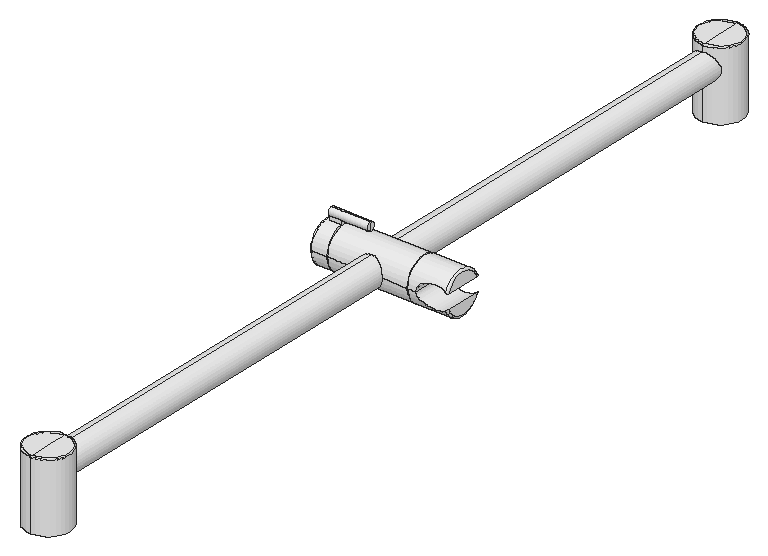
Revit family "XXXSlide_Bar-American_Standard-Standard-Universal-1660730", category Specialty Equipment, host Face, Revit 2019
Family settings
  Host = Face
  Round Connector Dimension = Use Diameter
  Part Type = Normal
  OmniClass Number = 23.40.20.21.47
  OmniClass Title = Bath Grab Bars
  Cut with Voids When Loaded = No
  Shared = Yes
  Room Calculation Point = No
Parameters (values of type "1660.730.002")
  Width = 4 7/8"  # constant formula
  URL = "https://www.americanstandard-us.com/"
  Type Comments = ""
  Revised Date = "09/28/2021"
  Product Page URL = "https://www.americanstandard-us.com/Hand-Showers-and-Accessories/Round-30-Inch-Shower-Slide-Bar/CHROME-1660730002"
  Product Documentation Link = "https://americanstandard.box.com/shared/static/re1nf26qv2puj3qcy72raqf9l8b72nta.pdf"
  Price = "Prices may vary. Please consult Manufacturer Representative for most up-to-date price list."  # constant formula
  Model = "1660.730.002"
  Material = "Brass-American Standard-002-Polished Chrome"
  Manufacturer = "American Standard"  # constant formula
  Length = 1 3/4"  # constant formula
  Installation Type = "Wall Mounted"  # constant formula
  Installation Instruction Link = "https://americanstandard.box.com/shared/static/4b02xwp7lrezebgkkif2atg7t3llhpwy.pdfhttps://americanstandard.box.com/shared/static/p96umvr28hg29juoj8c5eb1becmx8hh8.pdfhttps://americanstandard.box.com/shared/static/cq2n050fv7stjklnwkly19roq3rz5etd.pdf"
  Height = 30 1/8"  # constant formula
  Finish = Brass-American Standard-002-Polished Chrome
  Distance to Finished Floor Constraint = if([Distance from Floor to Bottom Escutcheon (36" to 60")] < 36", 36", if([Distance from Floor to Bottom Escutcheon (36" to 60")] > 60", 60", [Distance from Floor to Bottom Escutcheon (36" to 60")]))  # 36"
  Distance from Floor to Bottom Escutcheon (36" to 60") = 36"
  Description = "Round 30-Inch Shower Slide Bar"
  Default Elevation = 0"
  Creation Date = "01/22/2018"  # constant formula
  Assembly Code = "C1030200"
  ADA Compliant = yes
Types (5): name | Product Page URL | Model | Material | Finish | Distance from Floor to Bottom Escutcheon (36" to 60") | Default Elevation
  (no name) | "https://www.americanstandard-us.com/Hand-Showers-and-Accessories/Round-30-Inch-Shower-Slide-Bar/CHROME-1660730002" | "1660.730.002" | "Brass-American Standard-002-Polished Chrome" | Brass-American Standard-002-Polished Chrome | 36" | 0"
  1660.730.002 | "https://www.americanstandard-us.com/Hand-Showers-and-Accessories/Round-30-Inch-Shower-Slide-Bar/CHROME-1660730002" | "1660.730.002" | "Brass-American Standard-002-Polished Chrome" | Brass-American Standard-002-Polished Chrome | 36" | 0"
  1660.730.013 | "https://www.americanstandard-us.com/Hand-Showers-and-Accessories/Round-30-Inch-Shower-Slide-Bar/POLISHED-NICKEL-1660730013" | "1660.730.013" | "Brass-American Standard-013-Polished Nickel PVD" | Brass-American Standard-013-Polished Nickel PVD | 0" | 36"
  1660.730.278 | "https://www.americanstandard-us.com/Hand-Showers-and-Accessories/Round-30-Inch-Shower-Slide-Bar/LEGACY-BRONZE-1660730278" | "1660.730.278" | "Brass-American Standard-278-Legacy Broze" | Brass-American Standard-278-Legacy Broze | 0" | 36"
  1660.730.295 | "https://www.americanstandard-us.com/Hand-Showers-and-Accessories/Round-30-Inch-Shower-Slide-Bar/BRUSHED-NICKEL-1660730295" | "1660.730.295" | "Brass-American Standard-295-Brushed Nickel" | Brass-American Standard-295-Brushed Nickel | 0" | 36"
Reference planes (in)
  plane 1: y = 0
  plane 2: z = 0
  plane 3 "Center (Left/Right)": x = 0
  plane 4: y = 15.0625
  plane 5: y = -15.0625
  plane 6: z = 1.75
  plane 7: y = 14.28125
  plane 8: y = 15.84375
  plane 9: x = -2.0625
  plane 10: x = 2.1875
  plane 11: x = 2.8125
  plane 12 "Floor": y = -51.0625
Forms (in)
  Revolve 1, solid, material "Brass-American Standard-002-Polished Chrome" <- "Finish"
    sketch origin (0, 0, 0) x (0, 1, 0) y (0, 0, 1)
      loop
        line (15.0625, 0) -> (15.84375, 0) -> (15.84375, 2.46875)
        arc (15.84375, 2.46875) -> (15.8346, 2.49085) -> (15.8125, 2.5) r 0.03125
        line (15.8125, 2.5) -> (15.0625, 2.5) -> (15.0625, 0)
      axis (15.0625, 2.5) -> (15.0625, 0)
    angle from 0 to 360
  Revolve 2, solid, material "Brass-American Standard-002-Polished Chrome" <- "Finish"
    sketch origin (0, -30.125, 0) x (0, 1, 0) y (0, 0, 1)
      loop
        line (15.0625, 0) -> (15.84375, 0) -> (15.84375, 2.46875)
        arc (15.84375, 2.46875) -> (15.8346, 2.49085) -> (15.8125, 2.5) r 0.03125
        line (15.8125, 2.5) -> (15.0625, 2.5) -> (15.0625, 0)
      axis (15.0625, 2.5) -> (15.0625, 0)
    angle from 0 to 360
  Revolve 3, solid, material "Brass-American Standard-002-Polished Chrome" <- "Finish"
    sketch origin (0, 0, 0) x (0, 1, 0) y (0, 0, 1)
      loop
        line (15.0625, 1.75) -> (-15.0625, 1.75) -> (-15.0625, 1.25) -> (15.0625, 1.25) -> (15.0625, 1.75)
      axis (-15.0625, 1.75) -> (15.0625, 1.75)
    angle from 0 to 360
  Revolve 4, solid, material "Brass-American Standard-002-Polished Chrome" <- "Finish"
    sketch origin (0, 0, 1.75) x (1, 0, 0) y (0, 1, 0)
      loop
        line (-2.0625, 0) -> (2.8125, 0) -> (2.8125, 0.6875)
        arc (2.8125, 0.6875) -> (2.79419, 0.73169) -> (2.75, 0.75) r 0.0625
        line (2.75, 0.75) -> (1.44893, 0.75) -> (1.44893, 0.71388) -> (1.41768, 0.71388) -> (1.41768, 0.75) -> (-1.41768, 0.75) -> (-1.41768, 0.71388) -> (-1.44893, 0.71388) -> (-1.44893, 0.75) -> (-2, 0.75)
        arc (-2, 0.75) -> (-2.04419, 0.73169) -> (-2.0625, 0.6875) r 0.0625
        line (-2.0625, 0.6875) -> (-2.0625, 0)
      axis (-2.0625, 0) -> (2.8125, 0)
    angle from 0 to 360
  Extrusion 5, void
    sketch origin (0.34375, 0, 0) x (1, 0, 0) y (0, 0, 1)
      loop
        spline (2.60831, 1.75) -> (2.58758, 1.85404) -> (2.52681, 1.95098) -> (2.43014, 2.03423) -> (2.30415, 2.09812) -> (2.15744, 2.13827) -> (2, 2.15197) -> (1.84256, 2.13827) -> (1.69585, 2.09812) -> (1.56986, 2.03423) -> (1.47319, 1.95098) -> (1.41242, 1.85404) -> (1.39169, 1.75)
        spline (1.39169, 1.75) -> (1.41242, 1.64596) -> (1.47319, 1.54902) -> (1.56986, 1.46577) -> (1.69585, 1.40188) -> (1.84256, 1.36173) -> (2, 1.34803) -> (2.15744, 1.36173) -> (2.30415, 1.40188) -> (2.43014, 1.46577) -> (2.52681, 1.54902) -> (2.58758, 1.64596) -> (2.60831, 1.75)
    from -0.89529 to 1.0084
  Extrusion 6, solid, material "Brass-American Standard-002-Polished Chrome" <- "Finish"
    sketch origin (0, 0, 0) x (1, 0, 0) y (0, 0, 1)
      loop
        line (-1.88225, 2.23689) -> (-1.44893, 2.23689) -> (-1.44893, 2.68031) -> (-1.88225, 2.68031) -> (-1.88225, 2.23689)
    from -0.10512 to 0.1051
  Revolve 7, solid, material "Brass-American Standard-002-Polished Chrome" <- "Finish"
    sketch origin (0.01563, 0, 0.0625) x (1, 0, 0) y (0, 0, 1)
      loop
        line (-1.89787, 2.68031) -> (-0.49877, 2.68031) -> (-0.49877, 2.82445) -> (-1.89787, 2.82445) -> (-1.89787, 2.68031)
      axis (-0.49877, 2.68031) -> (-1.89787, 2.68031)
    angle from 0 to 360
Cuts and joins
  Extrusion 5 cuts Revolve 4
  joined: Revolve 1, Revolve 2, Revolve 3, Revolve 4, Extrusion 6, Revolve 7
Lines and regions (in)
  Masking region 1
    outline origin (0, 0, 0) x (1, 0, 0) y (0, 0, 1)
      loop
        line (-2.0625, 2.43917) -> (-2.0625, 1.0625)
        arc (-2.0625, 1.0625) -> (-2.04419, 1.01831) -> (-2, 1) r 0.0625
        line (-2, 1) -> (-0.78125, 1) -> (-0.78125, 0) -> (0.78125, 0) -> (0.78125, 1) -> (2.7485, 1)
        arc (2.7485, 1) -> (2.79376, 1.01874) -> (2.8125, 1.064) r 0.064
        line (2.8125, 1.064) -> (2.8125, 1.49381)
        spline (2.8125, 1.49381) -> (2.61996, 1.39186) -> (2.38199, 1.34883) -> (2.13772, 1.37179) -> (1.92735, 1.45697) -> (1.78547, 1.59035) -> (1.73544, 1.75) -> (1.78547, 1.90965) -> (1.92735, 2.04303) -> (2.13772, 2.12821) -> (2.38199, 2.15117) -> (2.61996, 2.10814) -> (2.8125, 2.00619)
        line (2.8125, 2.00619) -> (2.8125, 2.43742)
        arc (2.8125, 2.43742) -> (2.79419, 2.48161) -> (2.75, 2.49992) r 0.0625
        line (2.75, 2.49992) -> (-1.44893, 2.49992) -> (-1.44893, 2.59867) -> (-0.48315, 2.59867) -> (-0.48315, 2.88695) -> (-1.88225, 2.88695) -> (-1.88225, 2.50039) -> (-2.00128, 2.50039)
        arc (-2.00128, 2.50039) -> (-2.04457, 2.48246) -> (-2.0625, 2.43917) r 0.06122
  symbolic lines, detail levels medium+fine
    curve 1: line (-0.78125, 0, 1) -> (-0.78125, 0, 2.47067)
    curve 2: line (0.78125, 0, 1) -> (0.78125, 0, 2.47067)
    curve 5: line (-1.44893, 0, 2.49992) -> (-1.88225, 0, 2.49992)
  symbolic lines, detail levels fine
    curve 3: line (-1.88225, 0, 2.64418) -> (-1.44893, 0, 2.64418)
    curve 4: line (-1.44893, 0, 2.59867) -> (-1.44893, 0, 2.64418)
  symbolic lines, style "PlumbingFixtures", detail levels fine
    curve 6: line (-1.44893, 0, 2.49992) -> (-1.44893, 0, 1)
    curve 7: line (-1.41768, 0, 2.49992) -> (-1.41768, 0, 1)
    curve 8: line (1.44893, 0, 2.5) -> (1.44893, 0, 1)
    curve 9: line (1.41768, 0, 2.5) -> (1.41768, 0, 1)
  symbolic lines, style "PlumbingFixtures", detail levels medium+fine
    curve 10: line (-0.752, 0, 2.49992) -> (0.752, 0, 2.49992)
    curve 11: arc (0.78125, 0, 2.47067) -> (0.77268, 0, 2.49135) -> (0.752, 0, 2.49992) r 0.02925
    curve 12: arc (-0.78125, 0, 2.47067) -> (-0.77268, 0, 2.49135) -> (-0.752, 0, 2.49992) r 0.02925
    curve 13: line (-1.44893, 0, 2.49992) -> (-1.44893, 0, 2.59867)
Dimensions and locks (in)
  "Length": plane 2 to plane 6
  plane 8 to plane 7 = 1 9/16"
  plane 2 to plane 6 = 1 3/4"
  "Height": plane 4 to plane 5
  plane 9 to plane 3 "Center (Left/Right)" = 2 1/16"
  plane 3 "Center (Left/Right)" to plane 10 = 2 3/16"
  "Width": plane 9 to plane 11
  plane 5 to plane 4 = 30 1/8"
  "Distance to Finished Floor Constraint": plane 12 "Floor" to plane 5
  aligned and locked: plane 2 to host face
  aligned and locked: level to host face
Automatic sketch dimensions
  host sketch curve to host sketch curve = 96"
  host sketch curve to host sketch curve = 134.00681"
  Revolve 1 sketch curve to plane 4 = 0"  (x2)
  Revolve 1 sketch curve to level = 0"
  Revolve 1 sketch curve to plane 8 = 0"
  plane 8 to Revolve 1 sketch curve = 1/32"
  Revolve 1 sketch curve to plane 6 = 23/32"
  Revolve 1 sketch curve to Revolve 1 sketch curve = 1/2"
  Revolve 1 sketch curve to Revolve 1 sketch curve = 1 3/4"
  Revolve 2 sketch curve to plane 5 = 0"  (x2)
  Revolve 2 sketch curve to level = 0"
  Revolve 2 sketch curve to Revolve 2 sketch curve = 3/4"
  Revolve 2 sketch curve to plane 5 = 25/32"
  Revolve 2 sketch curve to plane 6 = 23/32"
  Revolve 2 sketch curve to Revolve 2 sketch curve = 1/2"
  Revolve 2 sketch curve to Revolve 2 sketch curve = 1 3/4"
  Revolve 3 sketch curve to plane 5 = 0"
  Revolve 3 sketch curve to plane 4 = 0"
  plane 6 to Revolve 3 sketch curve = 0"  (x2)
  Revolve 3 sketch curve to Revolve 3 sketch curve = 1/2"
  Revolve 3 sketch curve to plane 8 = 1/4"
  Revolve 3 sketch curve to Revolve 3 sketch curve = 1"
  Extrusion 6 sketch curve to Extrusion 6 sketch curve = 0.43331"
  Extrusion 6 sketch curve to plane 6 = 0.48689"
  Extrusion 6 sketch curve to Extrusion 6 sketch curve = 0.44342"
  Revolve 7 sketch curve to plane 3 "Center (Left/Right)" = 0.48315"
  Revolve 7 sketch curve to plane 6 = 0.99281"
  Revolve 7 sketch curve to Revolve 7 sketch curve = 0.14414"
  Revolve 7 sketch curve to Revolve 7 sketch curve = 1/64"
  Revolve 7 sketch curve to Revolve 7 sketch curve = 0"
  Extrusion 6 sketch curve to plane 3 "Center (Left/Right)" = 1.88225"
  Revolve 7 sketch curve to Revolve 7 sketch curve = 1.3991"
  Revolve 7 sketch curve to Revolve 7 sketch curve = 0.35544"
  plane 1 to Revolve 4 sketch curve = 0"  (x2)
  Revolve 4 sketch curve to plane 9 = 0"
  Revolve 4 sketch curve to plane 11 = 0"
  plane 9 to Revolve 4 sketch curve = 1/16"
  Revolve 4 sketch curve to Revolve 4 sketch curve = 0.55107"
  Revolve 4 sketch curve to Revolve 4 sketch curve = 1/32"  (x2)
  plane 11 to Revolve 4 sketch curve = 1/16"
  Revolve 4 sketch curve to plane 1 = 11/16"
  Revolve 4 sketch curve to Revolve 4 sketch curve = 0.03612"  (x3)
  Revolve 4 sketch curve to Revolve 4 sketch curve = 0"
  Revolve 4 sketch curve to plane 11 = 1/4"
  Revolve 4 sketch curve to Revolve 4 sketch curve = 2 1/2"
  plane 3 "Center (Left/Right)" to Revolve 4 sketch curve = 1.41768"
  Extrusion 5 sketch curve to plane 6 = 0"
  plane 10 to Extrusion 5 sketch curve = 5/32"
  Extrusion 5 sketch curve to plane 11 = 0.13956"
  Masking region 1 sketch curve to plane 9 = 0"
  Masking region 1 sketch curve to level = 0"
  Masking region 1 sketch curve to plane 6 = 0"
  plane 11 to Masking region 1 sketch curve = 0"  (x2)
  plane 9 to Masking region 1 sketch curve = 0.06122"
  plane 9 to Masking region 1 sketch curve = 1/16"
  plane 9 to Masking region 1 sketch curve = 0.18025"
  Masking region 1 sketch curve to Masking region 1 sketch curve = 0.43331"
  Masking region 1 sketch curve to plane 3 "Center (Left/Right)" = 25/32"
  Masking region 1 sketch curve to plane 3 "Center (Left/Right)" = 0.48315"
  plane 3 "Center (Left/Right)" to Masking region 1 sketch curve = 25/32"
  plane 11 to Masking region 1 sketch curve = 0.064"
  plane 11 to Masking region 1 sketch curve = 1/16"
  plane 6 to Masking region 1 sketch curve = 3/4"
  Masking region 1 sketch curve to Masking region 1 sketch curve = 0.06075"
  Masking region 1 sketch curve to Masking region 1 sketch curve = 0.09875"
  Masking region 1 sketch curve to Masking region 1 sketch curve = 0.38656"
  plane 10 to Masking region 1 sketch curve = 5/32"
  Masking region 1 sketch curve to Masking region 1 sketch curve = 0.42981"
  Masking region 1 sketch curve to Masking region 1 sketch curve = 0.43123"
  Masking region 1 sketch curve to plane 6 = 0.25619"
  Masking region 1 sketch curve to Masking region 1 sketch curve = 0.13956"
  plane 9 to curve 6 = 0.61357"
  curve 5 to curve 1 = 0.66768"
  curve 12 to curve 10 = 0.02925"
  plane 3 "Center (Left/Right)" to curve 10 = 0.752"
  curve 11 to curve 2 = 0.02925"
  curve 12 to plane 6 = 0.72067"
  curve 1 to curve 6 = 0.02925"
  curve 5 to curve 3 = 0.14426"
  plane 9 to curve 5 = 0.18025"
  curve 3 to curve 5 = 0"
  curve 5 to curve 7 = 1/32"
  curve 2 to curve 9 = 0.63643"
  curve 9 to curve 8 = 1/32"
  plane 6 to curve 6 = 3/4"
  curve 7 to curve 6 = 0"
  plane 6 to curve 8 = 3/4"
  curve 2 to curve 8 = 0"
  curve 9 to curve 8 = 0"  (x2)
  curve 1 to curve 7 = 0"
  curve 7 to curve 5 = 0"
  curve 11 to curve 8 = 0.02933"
  curve 4 to curve 3 = 0.04551"
